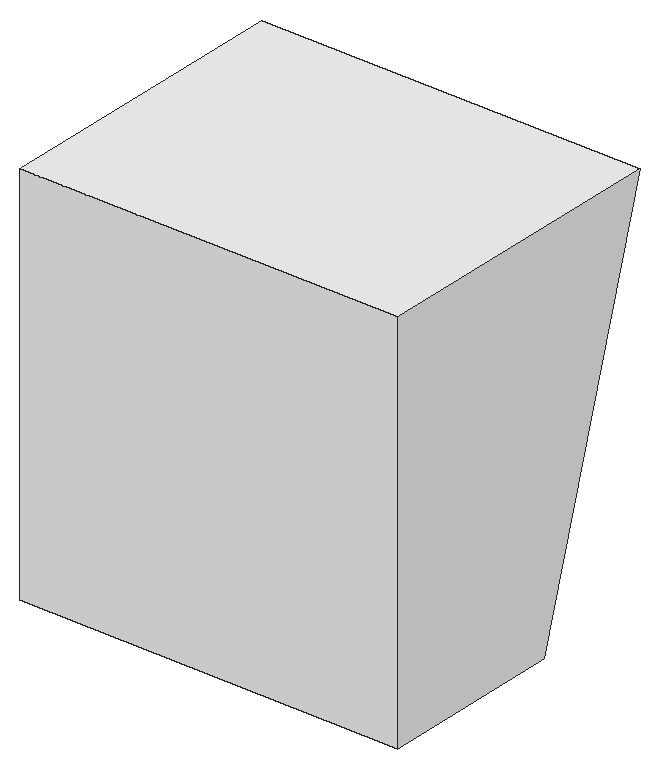
Revit family "Industrial Socket Outlet_Three Phase_Vertically Mounted", category Electrical Fixtures, Revit 2014
Parameters (values of type "#A Switched")
  Symbol_Offset_Maximum [instance] = 2500 mm  # constant formula
  Symbol_Offset_From Wall [instance] = 0 mm
  Symbol_Offset_Calculated [instance] = Symbol_Offset_Maximum - Symbol_Offset_Along Wall  # 2500 mm
  Symbol_Offset_Along Wall [instance] = 0 mm
  Material_Switch = Socket Red
  Material = Electrical Fixture Faceplate
  Identity_Reference [instance] = ""
  Identity_Level [instance] = ""
  General_Weatherproof = no
  General_Associated Equipment [instance] = ""
  Electrical_Voltage = 400 V
  Electrical_Power_Load Classification = Power
  Electrical_Power_Apparent = 0 VA
  Electrical_Power Factor = 1
  Electrical_Number of Poles = 3
  Electrical_Number of Phases = "TPN"
  Electrical_Current_Rated_Full Load = 0 A
  Dimensions_Length = 126 mm
  Dimensions_Height_Offset_Insertion [instance] = if(General_Mounting_Method_Top, 0 mm, if(General_Mounting_Method_Middle, Dimensions_Height / 2, if(General_Mounting_Method_Bottom, Dimensions_Height, 0 mm)))  # 64.5 mm
  Identity_NRM1_Description = "Power Installation"
  Identity_NRM1_Code = "5.8.2.1"
  Identity_Copyright = "Arup"  # constant formula
  Identity_Category = "PO"
  General_Mounting_Surface = yes
  General_Mounting_Method_Top [instance] = no
  General_Mounting_Method_Middle [instance] = yes
  General_Mounting_Method_Bottom [instance] = no
  General_Mounting_Method [instance] = if(General_Mounting_Method_Top, "Top", if(General_Mounting_Method_Middle, "Middle", if(General_Mounting_Method_Bottom, "Bottom", "Top")))  # "Middle"
  Dimensions_Width = 126 mm
  Dimensions_Height_Mounting [instance] = 1050 mm
  Dimensions_Height = 129 mm
  Description = "Industrial Socket Outlet - Three Phase Switched"
  Control_Switch_Yes = not(Control_Switch_No)  # no
  Control_Switch_Required = no
  Control_Switch_No = not(Control_Switch_Required)  # yes
  Component_Outlet_Power_Quantity = 1  # constant formula
  COBie.Type.NominalWidth [instance] = 126 mm
  COBie.Type.NominalLength [instance] = 126 mm
  COBie.Type.NominalHeight [instance] = 129 mm
  COBie.Type.Category = "L7471 : Terminal Devices - Socket Outlets"
Types (4, lengths in mm): name | General_Weatherproof | Electrical_Number of Poles | Description | Control_Switch_Yes | Control_Switch_Required | Control_Switch_No
  #A Switched Weatherproof | yes | 1 | "Industrial Socket Outlet - Three Phase Unswitched Weatherproof" | yes | yes | no
  #A Switched | no | 3 | "Industrial Socket Outlet - Three Phase Switched" | no | no | yes
  #A Unswitched Weatherproof | yes | 1 | "Industrial Socket Outlet - Three Phase Unswitched Weatherproof" | no | no | yes
  #A Unswitched | no | 3 | "Industrial Socket Outlet - Three Phase Unswitched" | no | no | yes
Reference planes
  plane 1 "Center (Front/Back)": y = 0
  plane 2: z = 0
  plane 3 "Center (Left/Right)": x = 0
  plane 4 "Symbol Offset Along Wall": x = 0
  plane 5: x = 2500
  plane 6 "Symbol Offset From Wall": y = 0
  plane 7: z = 1114.5
  plane 8: z = 1050
Lines and regions (mm)
  symbolic lines, style "ElectricalFixtures", detail levels fine
    curve 1: line (-63, 101, 0) -> (63, 101, 0)
    curve 2: line (-63, 0, 0) -> (-63, 101, 0)
    curve 3: line (63, 0, 0) -> (-63, 0, 0)
    curve 4: line (63, 101, 0) -> (63, 0, 0)
  symbolic lines, style "ElectricalFixtures", visible <- "Control_Switch_Yes", detail levels fine
    curve 5: spline (33.1, 117.571, 0) -> (37.147, 117.217, 0) -> (41.022, 116.721, 0) -> (44.667, 116.092, 0) -> (48.031, 115.337, 0) -> (51.065, 114.468, 0) -> (53.724, 113.497, 0) -> (55.971, 112.439, 0) -> (57.773, 111.309, 0) -> (59.104, 110.123, 0) -> (59.944, 108.898, 0) -> (60.281, 107.652, 0) -> (60.111, 106.403, 0)
    curve 6: line (17.3, 122.254, 0) -> (17.3, 101, 0)
    curve 7: line (17.3, 122.254, 0) -> (33.1, 122.254, 0)
    curve 8: line (33.1, 101, 0) -> (33.1, 122.254, 0)
    curve 9: line (-46.881, 102.324, 0) -> (-9.711, 102.324, 0)
    curve 10: line (-46.881, 102.324, 0) -> (-46.881, 101, 0)
    curve 11: spline (-2.322, 101, 0) -> (-3.322, 101.393, 0) -> (-4.258, 101.8, 0) -> (-5.128, 102.22, 0) -> (-5.93, 102.651, 0) -> (-6.662, 103.093, 0) -> (-7.322, 103.545, 0) -> (-7.909, 104.006, 0) -> (-8.423, 104.474, 0) -> (-8.86, 104.949, 0) -> (-9.221, 105.43, 0) -> (-9.505, 105.915, 0) -> (-9.711, 106.403, 0)
    curve 12: spline (-9.711, 106.403, 0) -> (-9.881, 107.652, 0) -> (-9.544, 108.898, 0) -> (-8.704, 110.123, 0) -> (-7.373, 111.309, 0) -> (-5.571, 112.439, 0) -> (-3.324, 113.497, 0) -> (-0.665, 114.468, 0) -> (2.369, 115.337, 0) -> (5.733, 116.092, 0) -> (9.378, 116.721, 0) -> (13.253, 117.217, 0) -> (17.3, 117.571, 0)
    curve 13: spline (60.111, 106.403, 0) -> (59.905, 105.915, 0) -> (59.621, 105.43, 0) -> (59.26, 104.949, 0) -> (58.823, 104.474, 0) -> (58.309, 104.006, 0) -> (57.722, 103.545, 0) -> (57.062, 103.093, 0) -> (56.33, 102.651, 0) -> (55.528, 102.22, 0) -> (54.658, 101.8, 0) -> (53.722, 101.393, 0) -> (52.722, 101, 0)
    curve 14: line (60.111, 106.403, 0) -> (60.111, 101, 0)
    curve 15: line (-9.711, 106.403, 0) -> (-9.711, 101, 0)
  symbolic lines, style "ElectricalFixtures", visible <- "Control_Switch_No", detail levels fine
    curve 16: spline (7.9, 117.571, 0) -> (11.671, 117.246, 0) -> (15.295, 116.798, 0) -> (18.728, 116.234, 0) -> (21.926, 115.559, 0) -> (24.85, 114.782, 0) -> (27.462, 113.914, 0) -> (29.731, 112.965, 0) -> (31.627, 111.946, 0) -> (33.127, 110.871, 0) -> (34.212, 109.754, 0) -> (34.868, 108.607, 0) -> (35.088, 107.446, 0)
    curve 17: line (-7.9, 122.254, 0) -> (-7.9, 101, 0)
    curve 18: line (-7.9, 122.254, 0) -> (7.9, 122.254, 0)
    curve 19: line (7.9, 101, 0) -> (7.9, 122.254, 0)
    curve 20: spline (-27.522, 101, 0) -> (-28.692, 101.464, 0) -> (-29.773, 101.947, 0) -> (-30.762, 102.447, 0) -> (-31.655, 102.963, 0) -> (-32.449, 103.492, 0) -> (-33.143, 104.034, 0) -> (-33.733, 104.586, 0) -> (-34.219, 105.147, 0) -> (-34.598, 105.716, 0) -> (-34.87, 106.289, 0) -> (-35.033, 106.867, 0) -> (-35.088, 107.446, 0)
    curve 21: spline (-35.088, 107.446, 0) -> (-34.868, 108.607, 0) -> (-34.212, 109.754, 0) -> (-33.127, 110.871, 0) -> (-31.627, 111.946, 0) -> (-29.731, 112.965, 0) -> (-27.462, 113.914, 0) -> (-24.85, 114.782, 0) -> (-21.926, 115.559, 0) -> (-18.728, 116.234, 0) -> (-15.295, 116.798, 0) -> (-11.671, 117.246, 0) -> (-7.9, 117.571, 0)
    curve 22: line (-35.088, 107.446, 0) -> (-35.088, 101, 0)
    curve 23: spline (35.088, 107.446, 0) -> (35.033, 106.867, 0) -> (34.87, 106.289, 0) -> (34.598, 105.716, 0) -> (34.219, 105.147, 0) -> (33.733, 104.586, 0) -> (33.143, 104.034, 0) -> (32.449, 103.492, 0) -> (31.655, 102.963, 0) -> (30.762, 102.447, 0) -> (29.773, 101.947, 0) -> (28.692, 101.464, 0) -> (27.522, 101, 0)
    curve 24: line (35.088, 107.446, 0) -> (35.088, 101, 0)
Dimensions and locks
  "Symbol_Offset_Maximum": plane 3 "Center (Left/Right)" to plane 5
  "Symbol_Offset_Calculated": plane 4 "Symbol Offset Along Wall" to plane 5
  "Dimensions_Height_Mounting": plane 8 to level
  "Dimensions_Height_Offset_Insertion": plane 7 to plane 8
  "Symbol_Offset_From Wall": plane 6 "Symbol Offset From Wall" to plane 1 "Center (Front/Back)"
  "COBie.Type.NominalWidth": nested 1 to nested 1
  "COBie.Type.NominalLength": nested 1 to nested 1
  "COBie.Type.NominalHeight": nested 1 to nested 1
  aligned and locked: level to plane 2
  aligned and locked: plane 4 "Symbol Offset Along Wall" to nested 2
  aligned and locked: nested 2 to plane 6 "Symbol Offset From Wall"
  aligned and locked: plane 7 to nested 1
Automatic sketch dimensions
  plane 1 "Center (Front/Back)" to curve 3 = 0 mm
  curve 20 to plane 3 "Center (Left/Right)" = 0 mm
  curve 16 to plane 3 "Center (Left/Right)" = 0 mm
  curve 18 to plane 3 "Center (Left/Right)" = 7.9 mm
  curve 15 to curve 17 = 1.811 mm
  curve 9 to curve 22 = 11.793 mm
  curve 2 to curve 10 = 16.119 mm
  plane 3 "Center (Left/Right)" to curve 18 = 7.9 mm
  curve 18 to curve 6 = 9.4 mm
  curve 21 to curve 14 = 25.023 mm
  plane 3 "Center (Left/Right)" to curve 3 = 63 mm
  curve 2 to plane 1 "Center (Front/Back)" = 101 mm
  curve 10 to curve 10 = 1.324 mm
  curve 9 to curve 15 = 4.079 mm
  curve 14 to curve 14 = 5.403 mm
  curve 22 to curve 22 = 6.446 mm
  curve 20 to curve 18 = 14.808 mm
  curve 18 to curve 7 = 0 mm
  curve 11 to plane 3 "Center (Left/Right)" = 2.322 mm
  curve 22 to curve 20 = 7.566 mm
  curve 12 to curve 20 = 9.888 mm
  curve 23 to curve 8 = 5.578 mm
  curve 23 to curve 21 = 0 mm
  curve 8 to curve 24 = 1.988 mm
  curve 13 to curve 14 = 7.389 mm
  curve 14 to curve 11 = 0.177 mm
  curve 13 to curve 11 = 0 mm
  curve 5 to curve 13 = 0 mm
  curve 16 to curve 18 = 4.683 mm
  curve 21 to curve 17 = 4.683 mm
  curve 5 to curve 11 = 0 mm
  curve 11 to curve 5 = 0 mm
  curve 12 to curve 5 = 0 mm  (x3)
  curve 13 to curve 12 = 0 mm  (x2)
  curve 16 to curve 21 = 0 mm
  curve 20 to curve 21 = 0 mm
  curve 21 to plane 3 "Center (Left/Right)" = 0 mm
  curve 21 to curve 20 = 0 mm
  curve 23 to plane 3 "Center (Left/Right)" = 0 mm
  curve 7 to curve 20 = 1.988 mm
  curve 9 to curve 15 = 0 mm
  curve 23 to curve 16 = 0 mm
Nested families
  nested 1: "Industrial Socket Outlet Geometry" at (0, 0, 1050) x (-1, 0, 0) z (0, 1, 0), type "Industrial Socket Outlet Geometry"
    with Length 126 mm, Switched no, Socket Offiset 0 mm
  nested 2: "Industrial Socket Outlet_Symbol" at (0, 0, 0), type "Industrial Socket Outlet_Symbol", detail levels coarse+medium
    with Weatherproof no
Connectors
  electrical at (0, 0, 1050), driven by "Electrical_Power_Load Classification", driven by "Electrical_Voltage", driven by "Electrical_Power Factor", driven by "Electrical_Number of Poles", driven by "Electrical_Power_Apparent"
    settings: on nested 1, index 1, voltage 400 V, apparent load 0 VA, apparent load phase1 0 VA, apparent load phase2 0 VA, apparent load phase3 0 VA, power factor 1, load classification "Power", number of poles 3, system type 30, power factor state 1, is connector primary yes, connector utility no, sub classification motor no, connector description "Power"
Definition of nested family "Industrial Socket Outlet Geometry"
  Parameters (values of type "Industrial Socket Outlet Geometry")
    Length = 168 mm
    Switched = yes
    Socket Radius = 35.088 mm
    Socket Offiset = if(Switched, Length / 5, 0 mm)  # 33.6 mm
    Outlet Type Material = Socket Blue
    Height = 129 mm
    Width = 126 mm
    Default Elevation = 1219.2 mm
  Reference planes
    plane 1 "Center (Front/Back)": y = 0
    plane 2: z = 0
    plane 3 "Center (Left/Right)": x = 0
    plane 4: y = 64.5
    plane 5: y = -64.5
    plane 6: x = -84
    plane 7: x = 84
    plane 8: z = 126
    plane 9: z = 86
    plane 10: x = -33.6
  Forms (mm)
    Extrusion 1, solid, material "Socket"
      sketch origin (0, 0, 25) x (0, 1, 0) y (0, 0, 1)
        loop
          line (64.5, 76) -> (-64.5, 36) -> (-64.5, -25) -> (64.5, -25) -> (64.5, 76)
      from -84 to 84
    Extrusion 2, solid, material "Socket Blue" <- "Outlet Type Material", visible <- "Switched"
      sketch origin (0, 61.446, 100.053) x (0, -0.955136, -0.296166) y (1, 0, 0)
        loop
          line (56.832, 22.881) -> (71.832, 22.881) -> (71.832, 67.881) -> (56.832, 67.881) -> (56.832, 22.881)
      from 0 to 20
  Dimensions and locks
    equal spacing: plane 4, plane 1 "Center (Front/Back)", plane 5
    "Height": plane 4 to plane 5
    equal spacing: plane 6, plane 3 "Center (Left/Right)", plane 7
    "Length": plane 6 to plane 7
    "Width": plane 8 to plane 2
    locked: plane 8 to plane 9 at 40
    "Socket Offiset": plane 10 to plane 3 "Center (Left/Right)"
    aligned and locked: level to plane 2
    aligned and locked: plane 4 to Extrusion 1
    aligned and locked: Extrusion 1 to plane 5
    aligned and locked: Extrusion 1 to plane 6
    aligned and locked: plane 7 to Extrusion 1
    aligned and locked: plane 10 to nested 1
  Automatic sketch dimensions
    Extrusion 1 sketch curve to plane 5 = 0 mm
    Extrusion 1 sketch curve to level = 0 mm
    Extrusion 1 sketch curve to plane 4 = 0 mm
    level to Extrusion 1 sketch curve = 61 mm
    level to Extrusion 1 sketch curve = 101 mm
    Extrusion 1 to Extrusion 2 sketch curve = 16.119 mm
    Extrusion 1 to Extrusion 2 sketch curve = 60.03 mm
    Extrusion 1 to Extrusion 2 sketch curve = 61.119 mm
    Extrusion 2 sketch curve to Extrusion 2 sketch curve = 15 mm
  Nested families
    nested 1: "Commando Socket" at (-33.6, -7.122, 78.792) x (1, 0, 0) z (0, -0.2962, 0.9551), type "Commando Socket"
  Definition of nested family "Commando Socket"
    Parameters (values of type "Commando Socket")
      Outlet Type Material = Socket Blue
    Reference planes
      plane 1 "Center (Front/Back)": y = 0
      plane 2: z = 0
      plane 3 "Center (Left/Right)": x = 0
    Forms (mm)
      Extrusion 1, solid, material "Socket Blue" <- "Outlet Type Material"
        sketch origin (-201.427, -141.91, 0) x (1, 0, 0) y (0, 1, 0)
          loop
            arc (193.527, 176.097) -> (201.427, 106.822) -> (209.327, 176.097) r 35.088
            line (209.327, 176.097) -> (209.327, 191.91) -> (193.527, 191.91) -> (193.527, 176.097)
        from 0 to 30
    Dimensions and locks
      aligned and locked: level to plane 2
Definition of nested family "Industrial Socket Outlet_Symbol"
  Parameters (values of type "Industrial Socket Outlet_Symbol")
    Weatherproof = yes
    Switched = no
    No. of Phases = ""
    Full Rated Current = 0 A
  Reference planes
    plane 1: y = 0
    plane 2: x = 0
  Lines and regions (mm)
    detail lines, style "Power Socket Detail"
      curve 1: line (0, 2.5, 0) -> (0, 5.5, 0)
      curve 2: line (0, 0, 0) -> (1.768, 1.768, 0)
      curve 3: line (0, 0, 0) -> (-1.768, 1.768, 0)
    detail lines, style "Power Socket Main"
      curve 4: line (-2.5, 0, 0) -> (2.5, 0, 0)
      curve 5: arc (2.5, 0, 0) -> (0, 2.5, 0) -> (-2.5, 0, 0) r 2.5
    detail lines, style "Power Socket Detail", visible <- "Switched"
      curve 6: circle (0, 3, 0) r 0.5 normal (0, 0, 1)
  Text (mm)
    label "No. of Phases" at (-0.013, 7.304, 0), shows "No. of Phases"
    text "WP" at (-0.091, 14.181, 0), visible <- "Weatherproof"
    label "Full Rated Current" at (-0.013, 10.054, 0), shows "Full Rated Current"
